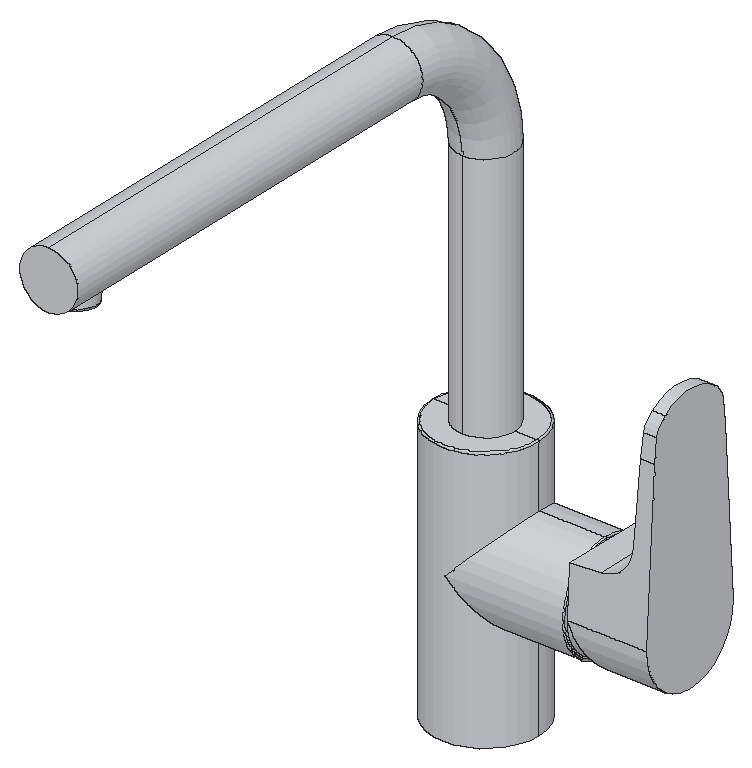
Revit family "Faucet-Kitchen-KOHLER-ALEO-K-99175BR_1", category Plumbing Fixtures, host Face, Revit 2017
Family settings
  Host = Face
  Round Connector Dimension = Use Diameter
  Part Type = Normal
  OmniClass Number = 23.31.11.00
  OmniClass Title = Faucets
  Cut with Voids When Loaded = No
  Shared = No
  Room Calculation Point = No
Parameters (values of type "CP-Polished Chrome")
  Width = 1 13/16"  # constant formula
  WaterSense Certified = 1 = 0  # no
  Waste Water Outlet = "Waste Water Outlet"  # constant formula
  Waste Connection = 1 = 0  # no
  Vent Connection = 1 = 0  # no
  URL = "https://br.kohler.com/"
  Type = 1
  Spout Reach = 8 179/256"  # constant formula
  Product Page URL = "https://br.kohler.com/product-detail/99175br-4?skuid=K-99175BR-4-CP"
  Product Name = "ALEO"  # constant formula
  Product Documentation Link = ""
  Pressure = 60.00 psi  # constant formula
  Model = "K-99175BR-4-CP"  # constant formula
  Material = "Premium Metal Construction"  # constant formula
  Master Format 2014 Name = "Residential Faucets, Supplies, and Trim"  # constant formula
  Master Format 2014 = "22 41 39"  # constant formula
  Manufacturer Address = "Rio de Janeiro MULTIREPAROS RUA BATISTA DA COSTA, Nº 352 | STORE B Rio de Janeiro SÃO GONÇALO 24450-470"  # constant formula
  Manufacturer = "KOHLER Co."  # constant formula
  Length = Spout Reach  # 8 179/256"
  Hot Water Inlet = "Hot Water Inlet"  # constant formula
  Height = 11 41/256"  # constant formula
  Handle Clearance = 3 159/256"  # constant formula
  HW Connection = 1 = 1  # yes
  Flow Rate = 1.5 GPM  # constant formula
  Finish = Kohler-Metal-CP-Polished_Chrome
  Environmental Product Declaration = ""
  Drain Included = 1 = 0  # no
  Description = "Single lever tabletop mixer with removable shower for kitchen"  # constant formula
  Default Elevation = 36"
  Declare Label = ""
  Date Modified = "09/15/2021"  # constant formula
  Date Created = "09/15/2021"  # constant formula
  Copyright = "Copyright KOHLER Co."  # constant formula
  Contact Us = "https://br.kohler.com/asr-listing"
  Cold Water Inlet = "Cold Water Inlet"  # constant formula
  CW Connection = 1 = 1  # yes
  Assembly Code = "D2010"
  ADA Compliant = 1 = 0  # no
Reference planes (in)
  plane 1 "Center (Front/Back)": y = 0
  plane 2: z = 0
  plane 3 "Center (Left/Right)": x = 0
  plane 4: y = -0.90551
  plane 5: y = 0.90551
  plane 6: x = -0.90551
  plane 7: x = 0.90699
  plane 8: y = -9.25197
  plane 9: x = 3.46457
  plane 10: x = 0.49213
  plane 11: x = -0.49213
  plane 12: z = 6.14078
  plane 13: z = 4.48819
  plane 14: z = 2.51969
  plane 15: z = 10.17717
  plane 16: z = 10.66929
  plane 17: y = -8.69922
  plane 18: x = -0.3937
  plane 19: x = 0.3937
  plane 20: z = 11.16016
  plane 21: z = 3.42513
  plane 22: z = 1.61424
  plane 23: y = -4.40945
  plane 24: z = 10.13377
Dimensions and locks (in)
  "Width": plane 6 to plane 7
  "Spout Reach": plane 17 to plane 1 "Center (Front/Back)"
  "Height": plane 20 to level
  "Length": plane 17 to plane 1 "Center (Front/Back)"
  "Handle Clearance": plane 12 to plane 14
  plane 13 to level = 4.48819"
  plane 14 to level = 2.51969"
  plane 12 to level = 6.14078"
  plane 9 to plane 3 "Center (Left/Right)" = 3.46457"
  plane 11 to plane 10 = 0.98425"
  plane 1 "Center (Front/Back)" to plane 8 = 9.25197"
  plane 23 to plane 8 = 4.84252"
  level to plane 16 = 10.66929"
  plane 24 to level = 10.13377"
  aligned and locked: plane 2 to host face
  aligned and locked: level to host face
Automatic sketch dimensions
  host sketch curve to host sketch curve = 96"  (x2)
Nested families (in)
  nested 1: "K-99175BR" at (-0.00028, 0, 0), type "K-99175BR"
Connectors (in)
  piping at (-0.39398, 0, 0), diameter 0.5, driven by "Flow Rate", driven by "HW Connection", driven by "Hot Water Inlet", driven by "Pressure"
    settings: on nested 1, index 1, connector inside diameter 24", connector length 0", flow factor 0, pipe flow 1.5 GPM, pressure drop 60.00 psi, fitting loss kfactor 0, connector angle 0.00°, fixture units 0, engagement length 0", angle of deflection 0.00°, flow configuration 1, flow direction 1, fitting loss method 4, system type 19, joint type 0, gender type 0, connector reference index -1, connector utility 1, adjustable connector no, is connector primary yes, connector description "Hot Water Inlet"
  piping at (0.39342, 0, 0), diameter 0.5, driven by "Flow Rate", driven by "CW Connection", driven by "Cold Water Inlet", driven by "Pressure"
    settings: on nested 1, index 2, connector inside diameter 24", connector length 0", flow factor 0, pipe flow 1.5 GPM, pressure drop 60.00 psi, fitting loss kfactor 0, connector angle 0.00°, fixture units 0, engagement length 0", angle of deflection 0.00°, flow configuration 1, flow direction 1, fitting loss method 4, system type 20, joint type 0, gender type 0, connector reference index -1, connector utility 1, adjustable connector no, is connector primary no, connector description "Cold Water Inlet"
Definition of nested family "K-99175BR"
  Parameters (values of type "K-99175T")
    Material = none
  Reference planes (in)
    plane 1 "Center (Front/Back)": y = 0
    plane 2: z = 0
    plane 3 "Center (Left/Right)": x = 0
    plane 4: y = -0.90551
    plane 5: y = 0.90551
    plane 6: z = 10.66929
    plane 7: y = -9.25197
    plane 8: y = -8.70079
    plane 9: z = 10.17717
    plane 10: z = 11.16142
    plane 11: x = 0.90551
    plane 12: x = -0.90551
    plane 13: z = 6.14173
    plane 14: z = 2.51969
    plane 15: x = -0.3937
    plane 16: x = 0.3937
    plane 17: x = 3.46457
    plane 18: z = 4.48819
    plane 19: x = 0.49213
    plane 20: x = -0.49213
    plane 21: y = -4.40945
  Forms (in)
    Revolve 1, solid, material <- "Material", detail levels medium+fine
      sketch origin (0, 0, 0) x (1, 0, 0) y (0, 0, 1)
        loop
          line (0, 0) -> (0, 4.48819) -> (-0.877, 4.48819)
          arc (-0.877, 4.48819) -> (-0.89578, 4.48041) -> (-0.90356, 4.46163) r 0.02656
          line (-0.90356, 4.46163) -> (-0.90356, 0) -> (0, 0)
        axis (0, 4.48819) -> (0, 0)
      angle from 0 to 360
    Sweep 2, solid, material <- "Material"
      path origin (0, 0, 0) x (0, 1, 0) y (0, 0, 1)
        loop
          line (0, 4.48819) -> (0, 8.71381)
          arc (0, 8.71381) -> (-0.57275, 10.09654) -> (-1.95549, 10.66929) r 1.95549
          line (-1.95549, 10.66929) -> (-9.25197, 10.66929)
      profile origin (0, 0, 6.601) x (0, -1, 0) y (1, 0, 0)
        loop
          circle (0, 0) r 0.49213
    Revolve 3, solid, material <- "Material", detail levels medium+fine
      sketch origin (0, 0, 0) x (1, 0, 0) y (0, 0, 1)
        loop
          line (2.59134, 2.51969) -> (2.59134, 2.95287)
          arc (2.59134, 2.95287) -> (2.37229, 3.22919) -> (2.04724, 3.36584) r 0.70914
          line (2.04724, 3.36584) -> (2.04724, 3.40024)
          arc (2.04724, 3.40024) -> (2.04117, 3.41491) -> (2.02649, 3.42099) r 0.02075
          line (2.02649, 3.42099) -> (-0.00009, 3.42099) -> (-0.00009, 2.51969) -> (2.59134, 2.51969)
        axis (-0.00009, 2.51969) -> (2.59134, 2.51969)
      angle from 0 to 360
    Extrusion 4, solid, material <- "Material", detail levels medium+fine
      sketch origin (0, 0, 0) x (1, 0, 0) y (0, 0, 1)
        loop
          line (2.1131, 2.55661) -> (2.65445, 1.4161) -> (3.44322, 1.4161)
          arc (3.44322, 1.4161) -> (3.45832, 1.42235) -> (3.46457, 1.43744) r 0.02134
          line (3.46457, 1.43744) -> (3.46457, 6.2885)
          arc (3.46457, 6.2885) -> (3.35508, 6.25233) -> (3.25488, 6.19528) r 0.58189
          line (3.25488, 6.19528) -> (3.17925, 4.02956)
          arc (3.17925, 4.02956) -> (3.01387, 3.63994) -> (2.63025, 3.46106) r 0.59055
          line (2.63025, 3.46106) -> (2.1131, 3.4249) -> (2.1131, 2.55661)
      from -1.72461 to 1.8964
    Revolve 5, solid, material <- "Material", detail levels medium+fine
      sketch origin (0, 0, 0) x (0, 1, 0) y (0, 0, 1)
        loop
          line (-9.0415, 10.16269) -> (-8.98001, 10.15731)
          arc (-8.98001, 10.15731) -> (-8.96163, 10.16311) -> (-8.95273, 10.18021) r 0.02519
          line (-8.95273, 10.18021) -> (-8.94783, 10.23623) -> (-8.70698, 10.21516) -> (-8.67993, 10.52429) -> (-9.03206, 10.55509) -> (-9.06404, 10.18955)
          arc (-9.06404, 10.18955) -> (-9.05834, 10.17145) -> (-9.0415, 10.16269) r 0.02479
        axis (-8.67993, 10.52429) -> (-8.71407, 10.13405)
      angle from 0 to 360
    Extrusion 6, void
      sketch origin (0, 0, 0) x (0, 1, 0) y (0, 0, 1)
        loop
          line (0.90521, 2.57468) -> (0.74771, 5.34731)
          arc (0.74771, 5.34731) -> (0.72934, 5.53724) -> (0.696, 5.72512) r 2.40836
          arc (0.696, 5.72512) -> (0.64734, 5.85546) -> (0.5641, 5.96693) r 0.49126
          arc (0.5641, 5.96693) -> (0.02711, 6.16468) -> (-0.51944, 5.99511) r 0.89119
          arc (-0.51944, 5.99511) -> (-0.63256, 5.87636) -> (-0.696, 5.72512) r 0.45314
          arc (-0.696, 5.72512) -> (-0.72934, 5.53724) -> (-0.74771, 5.34731) r 2.40836
          line (-0.74771, 5.34731) -> (-0.90521, 2.57468)
          arc (-0.90521, 2.57468) -> (0, 1.61659) -> (0.90521, 2.57468) r 0.90667
        loop
          line (-3.07128, 7.58169) -> (-3.07128, 0.88878) -> (2.44054, 0.88878) -> (2.44054, 7.58169) -> (-3.07128, 7.58169)
      from 2.04724 to 5.81188
    Extrusion 7, void
      sketch origin (0, 0, 0) x (1, 0, 0) y (0, 1, 0)
        loop
          circle (0, -4.40945) r 0.14147
        loop
          circle (0, -3.87783) r 0.1378
        loop
          circle (0, -6.10227) r 0.11024
      from 10.05382 to 10.32389
    Extrusion 8, solid, material <- "Material", detail levels medium+fine
      sketch origin (0, 0, 0) x (1, 0, 0) y (0, 1, 0)
        loop
          circle (-0.3937, 0) r 0.25
        loop
          circle (0.3937, 0) r 0.25
      from 0 to 0.04437
    Revolve 9, solid, material <- "Material", detail levels medium+fine
      sketch origin (0, 0, 0) x (0, 1, 0) y (0, 0, 1)
        loop
          line (0.9252, 3.95669) -> (0.9252, 4.14173)
          arc (0.9252, 4.14173) -> (0.9137, 4.16795) -> (0.88662, 4.17725) r 0.03564
          arc (0.88662, 4.17725) -> (0.8587, 4.06861) -> (0.85111, 3.95669) r 0.61103
          line (0.85111, 3.95669) -> (0.9252, 3.95669)
        axis (0.85111, 3.95669) -> (0.9252, 3.95669)
      angle from 0 to 360
    Revolve 10, solid, material <- "Material", detail levels coarse
      sketch origin (0, 0, 0) x (1, 0, 0) y (0, 0, 1)
        loop
          line (0, 0) -> (0, 4.48819) -> (-0.92114, 4.48819) -> (-0.92114, 0) -> (0, 0)
        axis (0, 4.48819) -> (0, 0)
      angle from 0 to 360
    Revolve 11, solid, material <- "Material", detail levels coarse
      sketch origin (0, 0, 0) x (1, 0, 0) y (0, 0, 1)
        loop
          line (3.30244, 2.51969) -> (3.30244, 3.4249) -> (-0.00009, 3.4249) -> (-0.00009, 2.51969) -> (3.30244, 2.51969)
        axis (-0.00009, 2.51969) -> (3.30244, 2.51969)
      angle from 0 to 360
    Extrusion 12, solid, material <- "Material", detail levels coarse
      sketch origin (0, 0, 0) x (1, 0, 0) y (0, 0, 1)
        loop
          line (3.46457, 1.61551) -> (3.46457, 6.2885)
          arc (3.46457, 6.2885) -> (3.35508, 6.25233) -> (3.25488, 6.19528) r 0.58189
          line (3.25488, 6.19528) -> (3.09495, 1.61551) -> (3.46457, 1.61551)
      from -1.72461 to 1.8964
  Cuts and joins
    joined: Revolve 1, Revolve 5, Revolve 9
    Extrusion 6 cuts Extrusion 4
    joined: Revolve 3, Extrusion 4
    Extrusion 6, Extrusion 7 cuts Sweep 2
    Extrusion 6 cuts Extrusion 12
    joined: Revolve 10, Extrusion 12
  Lines and regions (in)
    Masking region 1
      outline origin (0, 0, 0) x (1, 0, 0) y (0, 1, 0)
        loop
          arc (0, -9.25197) -> (0.23041, -9.23936) -> (0.45919, -9.20923) r 3.02755
          arc (0.45919, -9.20923) -> (0.48279, -9.19574) -> (0.49213, -9.1702) r 0.0396
          line (0.49213, -9.1702) -> (0.49213, -4.42921)
          arc (0.49213, -4.42921) -> (0.48634, -4.41524) -> (0.47236, -4.40945) r 0.01977
          arc (0.47236, -4.40945) -> (0.48634, -4.40366) -> (0.49213, -4.38968) r 0.01977
          line (0.49213, -4.38968) -> (0.49213, -0.90551) -> (2.02031, -0.90551)
          arc (2.02031, -0.90551) -> (2.03935, -0.89762) -> (2.04724, -0.87857) r 0.02694
          line (2.04724, -0.87857) -> (2.04724, -0.8466) -> (2.1131, -0.83851) -> (2.1131, -0.90606) -> (3.44341, -0.90606)
          arc (3.44341, -0.90606) -> (3.45837, -0.89986) -> (3.46457, -0.88489) r 0.02116
          line (3.46457, -0.88489) -> (3.46457, 0.88489)
          arc (3.46457, 0.88489) -> (3.45837, 0.89986) -> (3.44341, 0.90606) r 0.02116
          line (3.44341, 0.90606) -> (2.1131, 0.90606) -> (2.1131, 0.83851) -> (2.04724, 0.8466) -> (2.04724, 0.87857)
          arc (2.04724, 0.87857) -> (2.03935, 0.89762) -> (2.02031, 0.90551) r 0.02694
          line (2.02031, 0.90551) -> (0.21434, 0.90551)
          arc (0.21434, 0.90551) -> (0.20269, 0.91982) -> (0.18504, 0.9252) r 0.03165
          line (0.18504, 0.9252) -> (-0.18504, 0.9252)
          arc (-0.18504, 0.9252) -> (-0.21303, 0.91049) -> (-0.21681, 0.8791) r 0.034
          arc (-0.21681, 0.8791) -> (-0.893, 0.14997) -> (-0.49213, -0.76006) r 0.90542
          line (-0.49213, -0.76006) -> (-0.49213, -4.38968)
          arc (-0.49213, -4.38968) -> (-0.48634, -4.40366) -> (-0.47236, -4.40945) r 0.01977
          arc (-0.47236, -4.40945) -> (-0.48634, -4.41524) -> (-0.49213, -4.42921) r 0.01977
          line (-0.49213, -4.42921) -> (-0.49213, -9.1702)
          arc (-0.49213, -9.1702) -> (-0.48279, -9.19574) -> (-0.45919, -9.20923) r 0.0396
          arc (-0.45919, -9.20923) -> (-0.23041, -9.23936) -> (0, -9.25197) r 3.02755
    Masking region 2
      outline origin (0, 0, 0) x (1, 0, 0) y (0, 0, 1)
        loop
          line (0.90551, 0) -> (0.90551, 1.35095)
          arc (0.90551, 1.35095) -> (0.98261, 1.53708) -> (1.16874, 1.61417) r 0.26322
          line (1.16874, 1.61417) -> (2.02086, 1.61417)
          arc (2.02086, 1.61417) -> (2.03952, 1.6219) -> (2.04724, 1.64056) r 0.02638
          line (2.04724, 1.64056) -> (2.04724, 1.67339)
          arc (2.04724, 1.67339) -> (2.26299, 1.71452) -> (2.46301, 1.80522) r 0.92761
          line (2.46301, 1.80522) -> (2.5521, 1.61417) -> (3.43682, 1.61417)
          arc (3.43682, 1.61417) -> (3.45644, 1.6223) -> (3.46457, 1.64192) r 0.02774
          line (3.46457, 1.64192) -> (3.46457, 6.14173)
          arc (3.46457, 6.14173) -> (3.41714, 6.12369) -> (3.37781, 6.09164) r 0.1591
          arc (3.37781, 6.09164) -> (3.30791, 5.98926) -> (3.26617, 5.87253) r 0.48616
          arc (3.26617, 5.87253) -> (3.22499, 5.66187) -> (3.21398, 5.4475) r 1.51575
          arc (3.21398, 5.4475) -> (3.20818, 4.88354) -> (3.18958, 4.31984) r 24.86208
          arc (3.18958, 4.31984) -> (3.16444, 4.06082) -> (3.11233, 3.80586) r 2.48269
          arc (3.11233, 3.80586) -> (2.94692, 3.56657) -> (2.67847, 3.45453) r 0.51681
          arc (2.67847, 3.45453) -> (2.39621, 3.43155) -> (2.1131, 3.4249) r 4.90458
          line (2.1131, 3.4249) -> (2.1131, 3.35892) -> (2.04724, 3.36584) -> (2.04724, 3.39785)
          arc (2.04724, 3.39785) -> (2.03932, 3.41697) -> (2.0202, 3.4249) r 0.02704
          line (2.0202, 3.4249) -> (1.18517, 3.4249)
          arc (1.18517, 3.4249) -> (0.98742, 3.5068) -> (0.90551, 3.70455) r 0.27965
          line (0.90551, 3.70455) -> (0.90551, 4.46176)
          arc (0.90551, 4.46176) -> (0.89777, 4.48045) -> (0.87908, 4.48819) r 0.02643
          line (0.87908, 4.48819) -> (0.49213, 4.48819) -> (0.49213, 10.66929)
          arc (0.49213, 10.66929) -> (0.34799, 11.01728) -> (0, 11.16142) r 0.49213
          arc (0, 11.16142) -> (-0.34799, 11.01728) -> (-0.49213, 10.66929) r 0.49213
          line (-0.49213, 10.66929) -> (-0.49213, 4.48819) -> (-0.87908, 4.48819)
          arc (-0.87908, 4.48819) -> (-0.89777, 4.48045) -> (-0.90551, 4.46176) r 0.02643
          line (-0.90551, 4.46176) -> (-0.90551, 0) -> (0.90551, 0)
    Masking region 3
      outline origin (0, 0, 0) x (0, 1, 0) y (0, 0, 1)
        loop
          line (0.90551, 0) -> (0.90551, 3.73992)
          arc (0.90551, 3.73992) -> (0.91988, 3.75298) -> (0.9252, 3.77165) r 0.03542
          line (0.9252, 3.77165) -> (0.9252, 4.14173)
          arc (0.9252, 4.14173) -> (0.91976, 4.15859) -> (0.90551, 4.16911) r 0.02888
          line (0.90551, 4.16911) -> (0.90551, 4.46015)
          arc (0.90551, 4.46015) -> (0.8973, 4.47998) -> (0.87747, 4.48819) r 0.02804
          line (0.87747, 4.48819) -> (0.80222, 4.48819) -> (0.77747, 4.96054)
          arc (0.77747, 4.96054) -> (0.76058, 5.23103) -> (0.73827, 5.50112) r 13.53598
          arc (0.73827, 5.50112) -> (0.71086, 5.66871) -> (0.66042, 5.83086) r 1.21873
          arc (0.66042, 5.83086) -> (0.59021, 5.93853) -> (0.49202, 6.02147) r 0.4425
          line (0.49202, 6.02147) -> (0.49202, 8.6929)
          arc (0.49202, 8.6929) -> (-0.23099, 10.4384) -> (-1.9765, 11.16142) r 2.46852
          line (-1.9765, 11.16142) -> (-9.18142, 11.16142)
          arc (-9.18142, 11.16142) -> (-9.20721, 11.15186) -> (-9.22054, 11.1278) r 0.03957
          arc (-9.22054, 11.1278) -> (-9.24572, 10.89919) -> (-9.25197, 10.66929) r 2.78853
          arc (-9.25197, 10.66929) -> (-9.24572, 10.43939) -> (-9.22054, 10.21078) r 2.78853
          arc (-9.22054, 10.21078) -> (-9.20721, 10.18672) -> (-9.18142, 10.17717) r 0.03957
          line (-9.18142, 10.17717) -> (-9.07412, 10.17717)
          arc (-9.07412, 10.17717) -> (-9.06069, 10.1695) -> (-9.04659, 10.16314) r 0.16456
          line (-9.04659, 10.16314) -> (-8.38522, 10.10527)
          arc (-8.38522, 10.10527) -> (-8.36994, 10.11009) -> (-8.36255, 10.12429) r 0.02092
          line (-8.36255, 10.12429) -> (-8.35792, 10.17717) -> (-1.97629, 10.17717)
          arc (-1.97629, 10.17717) -> (-0.92675, 9.74243) -> (-0.49202, 8.6929) r 1.48427
          line (-0.49202, 8.6929) -> (-0.49202, 6.02147)
          arc (-0.49202, 6.02147) -> (-0.59021, 5.93853) -> (-0.66042, 5.83086) r 0.4425
          arc (-0.66042, 5.83086) -> (-0.71086, 5.66871) -> (-0.73827, 5.50112) r 1.21873
          arc (-0.73827, 5.50112) -> (-0.76058, 5.23103) -> (-0.77747, 4.96054) r 13.53598
          line (-0.77747, 4.96054) -> (-0.80222, 4.48819) -> (-0.87747, 4.48819)
          arc (-0.87747, 4.48819) -> (-0.8973, 4.47998) -> (-0.90551, 4.46015) r 0.02804
          line (-0.90551, 4.46015) -> (-0.90551, 0) -> (0.90551, 0)
    symbolic lines, detail levels medium+fine
      curve 1: line (0.21434, 0.90551, 0) -> (-0.00009, 0.90551, 0)
      curve 2: arc (-0.00009, 0.90551, 0) -> (-0.10925, 0.89888, 0) -> (-0.21681, 0.8791, 0) r 0.90239
      curve 3: line (2.04724, 0.84616, 0) -> (2.04724, -0.84616, 0)
      curve 4: line (2.1131, -0.83851, 0) -> (2.1131, 0.83851, 0)
      curve 5: line (-0.49213, -9.1702, 0) -> (0.49213, -9.1702, 0)
      curve 6: line (-0.47236, -4.40945, 0) -> (0.47236, -4.40945, 0)
      curve 7: arc (0.00009, 0.90542, 0) -> (0.86822, 0.25655, 0) -> (0.49213, -0.75994, 0) r 0.90542
      curve 8: arc (0.49213, -0.72649, 0) -> (-0.0002, 0.87753, 0) -> (-0.49213, -0.72661, 0) r 0.87753
      curve 9: arc (3.39295, 0.73725, 0) -> (3.33829, 0.6855, 0) -> (3.30836, 0.61644, 0) r 0.18764
      curve 10: arc (3.30836, 0.61644, 0) -> (3.22683, 0.3134, 0) -> (3.21073, 0, 0) r 1.48641
      curve 11: arc (3.07769, 0.90551, 0) -> (3.22007, 0.89228, 0) -> (3.35958, 0.86086, 0) r 1.11047
      curve 12: arc (3.35958, 0.86086, 0) -> (3.39016, 0.80281, 0) -> (3.39295, 0.73725, 0) r 0.14961
      curve 13: arc (3.39295, 0.73725, 0) -> (3.40494, 0.36872, 0) -> (3.40253, 0, 0) r 9.43409
      curve 14: arc (3.39295, -0.73725, 0) -> (3.33829, -0.6855, 0) -> (3.30836, -0.61644, 0) r 0.18764
      curve 15: arc (3.30836, -0.61644, 0) -> (3.22683, -0.3134, 0) -> (3.21073, 0, 0) r 1.48641
      curve 16: arc (3.07769, -0.90551, 0) -> (3.22007, -0.89228, 0) -> (3.35958, -0.86086, 0) r 1.11047
      curve 17: arc (3.35958, -0.86086, 0) -> (3.39016, -0.80281, 0) -> (3.39295, -0.73725, 0) r 0.14961
      curve 18: arc (3.39295, -0.73725, 0) -> (3.40494, -0.36872, 0) -> (3.40253, 0, 0) r 9.43409
      curve 19: arc (2.85285, 0, 0) -> (2.84915, 0.45316, 0) -> (2.87645, 0.90551, 0) r 6.6197
      curve 20: arc (2.85285, 0, 0) -> (2.84915, -0.45316, 0) -> (2.87645, -0.90551, 0) r 6.6197
      curve 21: arc (0.49213, 0, 0) -> (0, 0.49213, 0) -> (-0.49213, 0, 0) r 0.49213
      curve 22: line (0.49213, -0.90551, 0) -> (0.49213, 0, 0)
      curve 23: line (-0.49213, -0.90551, 0) -> (-0.49213, 0, 0)
      curve 24: line (-0.49213, 0, 4.48819) -> (0.49213, 0, 4.48819)
      curve 25: line (2.04724, 0, 3.36584) -> (2.04724, 0, 1.67339)
      curve 26: line (2.46301, 0, 1.80522) -> (2.1131, 0, 2.51969)
      curve 27: line (2.1131, 0, 3.35892) -> (2.1131, 0, 2.51969)
      curve 28: arc (0.49213, 0, 10.66929) -> (0, 0, 10.17717) -> (-0.49213, 0, 10.66929) r 0.49213
      curve 29: line (-0.35274, 0, 10.32612) -> (-0.35274, 0, 10.12802)
      curve 30: line (0.35274, 0, 10.32612) -> (0.35274, 0, 10.12802)
      curve 31: arc (0, 0, 1.2664) -> (0, -0.20743, 1.27422) -> (0, -0.41306, 1.30254) r 2.09316
      curve 32: arc (0, -0.41306, 1.30254) -> (0, -0.49837, 1.32264) -> (0, -0.58153, 1.35031) r 0.97615
      curve 33: arc (0, -0.58153, 1.35031) -> (0, -0.68952, 1.40939) -> (0, -0.77792, 1.49505) r 0.45894
      curve 34: arc (0, -0.77792, 1.49505) -> (0, -0.83833, 1.59606) -> (0, -0.87128, 1.70904) r 0.46229
      curve 35: arc (0, -0.87128, 1.70904) -> (0, -0.89348, 1.88299) -> (0, -0.90551, 2.05795) r 3.00948
      curve 36: arc (0, 0, 1.2664) -> (0, 0.20743, 1.27422) -> (0, 0.41306, 1.30254) r 2.09316
      curve 37: arc (0, 0.41306, 1.30254) -> (0, 0.49837, 1.32264) -> (0, 0.58153, 1.35031) r 0.97615
      curve 38: arc (0, 0.58153, 1.35031) -> (0, 0.68952, 1.40939) -> (0, 0.77792, 1.49505) r 0.45894
      curve 39: arc (0, 0.77792, 1.49505) -> (0, 0.83833, 1.59606) -> (0, 0.87128, 1.70904) r 0.46229
      curve 40: arc (0, 0.87128, 1.70904) -> (0, 0.89348, 1.88299) -> (0, 0.90551, 2.05795) r 3.00948
      curve 41: arc (0, -0.90551, 2.51969) -> (0, 0, 1.61417) -> (0, 0.90551, 2.51969) r 0.90551
      curve 42: line (0, -0.90551, 2.51969) -> (0, -0.80235, 4.48819)
      curve 43: line (0, 0.90551, 2.51969) -> (0, 0.80235, 4.48819)
      curve 44: arc (0, 0.49137, 6.01917) -> (0, -0.00075, 6.14173) -> (0, -0.49288, 6.01917) r 1.04929
      curve 45: line (0, -4.40945, 10.2117) -> (0, -4.40945, 11.16142)
      curve 46: arc (0, -4.56033, 10.17717) -> (0, -4.40942, 10.2117) -> (0, -4.25852, 10.17717) r 0.34696
      curve 47: arc (0, -4.01575, 10.17717) -> (0, -3.87675, 10.20875) -> (0, -3.73775, 10.17717) r 0.3217
      curve 48: arc (0, 0.90551, 4.16911) -> (0, 0.87549, 3.95452) -> (0, 0.90551, 3.73992) r 0.78206
      curve 49: line (3.30791, 0, 5.98926) -> (3.30791, 0, 3.37183)
      curve 50: line (2.1131, 0, 2.55661) -> (2.49269, 0, 2.55661)
      curve 51: arc (2.49269, 0, 2.55661) -> (3.06913, 0, 2.79538) -> (3.30791, 0, 3.37183) r 0.81522
      curve 52: spline (-0.35274, 0, 10.12802) -> (-0.34072, 0, 10.11945) -> (-0.30548, 0, 10.11146) -> (-0.24942, 0, 10.1046) -> (-0.17637, 0, 10.09934) -> (-0.09129, 0, 10.09603) -> (0, 0, 10.0949) -> (0.09129, 0, 10.09603) -> (0.17637, 0, 10.09934) -> (0.24942, 0, 10.1046) -> (0.30548, 0, 10.11146) -> (0.34072, 0, 10.11945) -> (0.35274, 0, 10.12802) -> (0.34072, 0, 10.1366) -> (0.30548, 0, 10.14459) -> (0.24942, 0, 10.15144) -> (0.17637, 0, 10.15671) -> (0.09129, 0, 10.16002) -> (0, 0, 10.16115) -> (-0.09129, 0, 10.16002) -> (-0.17637, 0, 10.15671) -> (-0.24942, 0, 10.15144) -> (-0.30548, 0, 10.14459) -> (-0.34072, 0, 10.1366) -> (-0.35274, 0, 10.12802)
      curve 53: arc (0, -8.35792, 10.17717) -> (0, -8.71602, 10.37676) -> (0, -9.07412, 10.17717) r 0.42104
  Dimensions and locks (in)
    plane 7 to curve 6 = 4.84252"
    aligned and locked: level to plane 2
